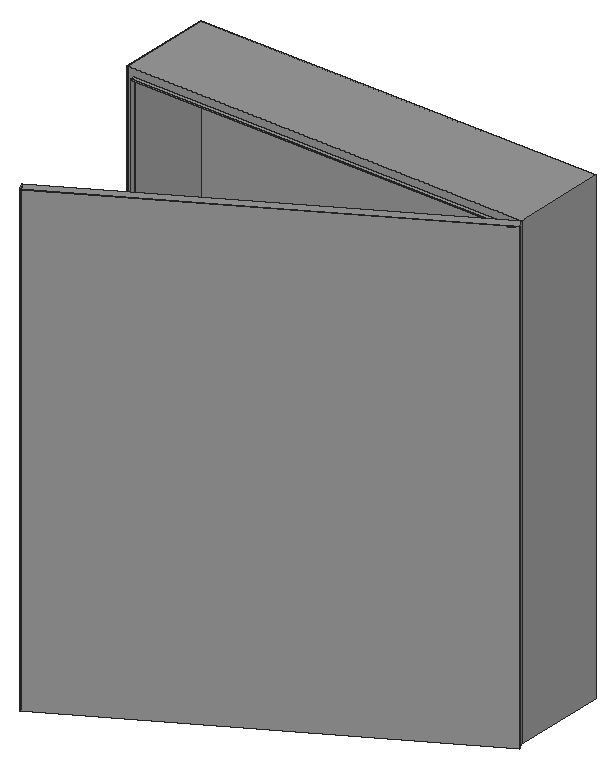
Revit family "Hager-Univers-IP54-D205-H950-Cl.I-encl-NoHosted-DE-de", category Equipement électrique, Revit 2020
Family settings
  Configuration du panneau = Deux colonnes, circuits au sein
  Cote de connecteur circulaire = Utiliser le diamètre
  Type d'élément = Tableau de raccordement
  Basée sur le plan de construction = Oui
  Toujours verticalement = Oui
  Couper avec des vides une fois chargée = Non
  Partagée = Non
  Point de calcul de pièce = Non
Parameters (values of type "Aufputz IP54 B800 H950 T205  - FP63TW2")
  Width Control [instance] = if([EF000008 - Breite] > Min Width, [EF000008 - Breite], Min Width)  # 800 mm
  Commentaires du type = [HG000003 - Bereich]  # "Univers"
  Thickness Door [instance] = if([EF009171 - Materialstärke Tür/Deckel] > 3 mm, 3 mm, [EF009171 - Materialstärke Tür/Deckel])  # 1 mm
  Seal Frame Offset [instance] = 17 mm  # constant formula
  Plinth Visibility [instance] = [HG000027 - Sockelhöhe] > 0 mm  # no
  Min Width [instance] = 100 mm  # constant formula
  Min Depth [instance] = (2 * [EF009170 - Materialstärke Gehäuse]) + 1 mm  # 3 mm
  Min Height [instance] = 100 mm  # constant formula
  Internal Frame Depth [instance] = (Door System Depth * 0.5)  # 9 mm
  Panel Name [instance] = ""  # (empty or 0)
  Model = ""
  HG000027 - Sockelhöhe = 0 mm
  HG000026 - Stehend auf dem Boden = no
  HG000024 - Höhe des unteren Teils = 600 mm
  HG000023 - Gehäuse mit doppeltem Querschnitt = no
  HG000016 - 3D-Türsichtbarkeit [instance] = yes
  HG000015 - Sichtbarkeit der Türöffnung [instance] = no
  HG000014 - Tür rechts [instance] = yes
  HG000013 - Tür links [instance] = not([HG000014 - Tür rechts])  # no
  HG000012 - Türschwenkwinkel [instance] = 30.00°
  HG000010 - Asymmetrische Türen = no
  HG000009 - Doppelflügeligen Tür = no
  HG000006 - Unterputz = no
  HG000004 - Herstellerreferenz = "FP63TW2"
  HG000003 - Bereich = "Univers"
  HG000002 - Mit tür = yes
  Frame Offset Bottom [instance] = 10 mm  # constant formula
  Frame Offset [instance] = 15 mm  # constant formula
  EF015940 - Deckel mit Überdruckentlastung = no
  EF011959 - Schutzart (NEMA) = ""
  EF009554 - Anzahl der Öffnungen für Flanschplatten = 6
  EF009212 - Ausführung Deckel = "EV000116 - geschlossen"
  EF009171 - Materialstärke Tür/Deckel = 1 mm
  EF009170 - Materialstärke Gehäuse = 1 mm
  EF008873 - Nennstrom (In) = 250 A
  EF007800 - Geeignet für Blitzschutz = no
  EF006306 - Mit Schloss = no
  EF006244 - Transparenter Deckel/Tür = no
  EF005474 - Schutzart (IP) = "EV006419 - IP54"
  EF004464 - Art der Tür = "EV002646 - Einzel"
  EF004427 - Anzahl der Module = 216
  EF004293 - Schlagfestigkeit = "EV006815 - IK09"
  EF003532 - Geeignet für Außengebrauch = no
  EF002950 - Breite in Teilungseinheiten = 36
  EF001613 - Funktionserhalt = "EV000494 - ohne"
  EF001596 - Werkstoff des Gehäuses = "EV000179 - Stahl"
  EF001131 - Innentiefe = 130 mm
  EF001088 - Anbaumöglichkeit = yes
  EF000437 - Anzahl der Leitungseinführungen = 6
  EF000339 - Art der Abdeckung = "EV001012 - Deckel"
  EF000266 - Anzahl der Reihen = 6
  EF000218 - Einbautiefe = 205 mm
  EF000118 - Mit Montageplatte = no
  EF000116 - RAL-Nummer = "9010"
  EF000049 - Tiefe = 205 mm
  EF000040 - Höhe = 950 mm
  EF000008 - Breite = 800 mm
  EF000007 - Farbe = "EV000202 - weiß"
  EF000003 - Montageart = "EV000384 - Aufputz"
  Door System Leaf Tolerance [instance] = 1.5 mm  # constant formula
  Door System Depth [instance] = 18 mm  # constant formula
  Door Height [instance] = Height Control - [HG000027 - Sockelhöhe]  # 950 mm
  Description = ""
  Default Elevation = 1219.2 mm
  Connector Offset [instance] = Height Control / 2  # 475 mm
  Fabricant = "Hager"  # constant formula
  Height Control [instance] = if([EF000040 - Höhe] > Min Height, [EF000040 - Höhe], Min Height)  # 950 mm
  Depth Control [instance] = if([EF000049 - Tiefe] > Min Depth, [EF000049 - Tiefe], Min Depth)  # 205 mm
  Bottom Top Plate Trim [instance] = 1.5 mm  # constant formula
  Plinth height Ctrl [instance] = if([HG000027 - Sockelhöhe] > 0 mm, [HG000027 - Sockelhöhe], 12 mm)  # 12 mm
Types (9, lengths in mm): name | Width Control | HG000009 - Doppelflügeligen Tür | HG000004 - Herstellerreferenz | EF009554 - Anzahl der Öffnungen für Flanschplatten | EF004464 - Art der Tür | EF004427 - Anzahl der Module | EF002950 - Breite in Teilungseinheiten | EF000437 - Anzahl der Leitungseinführungen | EF000008 - Breite
  Aufputz IP54 B1050 H950 T205  - FP64TW2 | 1050 | no | "FP64TW2" | 8 | "EV003602 - Doppel" | 288 | 48 | 8 | 1050
  Aufputz IP54 B1300 H950 T205  - FP65TW | 1300 | yes | "FP65TW" | 10 | "EV003602 - Doppel" | 360 | 60 | 10 | 1300
  Aufputz IP54 B1300 H950 T205  - FP65TW2 | 1300 | no | "FP65TW2" | 10 | "EV003602 - Doppel" | 360 | 60 | 10 | 1300
  Aufputz IP54 B300 H950 T205  - FP61TW | 300 | no | "FP61TW" | 2 | "EV002646 - Einzel" | 72 | 12 | 2 | 300
  Aufputz IP54 B300 H950 T205  - FP61TW2 | 300 | no | "FP61TW2" | 2 | "EV002646 - Einzel" | 72 | 12 | 2 | 300
  Aufputz IP54 B550 H950 T205  - FP62TW | 550 | no | "FP62TW" | 4 | "EV002646 - Einzel" | 144 | 24 | 4 | 550
  Aufputz IP54 B550 H950 T205  - FP62TW2 | 550 | no | "FP62TW2" | 4 | "EV002646 - Einzel" | 144 | 24 | 4 | 550
  Aufputz IP54 B800 H950 T205  - FP63TW | 800 | no | "FP63TW" | 6 | "EV002646 - Einzel" | 216 | 36 | 6 | 800
  Aufputz IP54 B800 H950 T205  - FP63TW2 | 800 | no | "FP63TW2" | 6 | "EV002646 - Einzel" | 216 | 36 | 6 | 800
Reference planes
  plane 1 "Center (Front/Back)": y = 0
  plane 2: z = 0
  plane 3 "Center (Left/Right)": x = 0
  plane 4: y = 0
  plane 5: y = 0
  plane 6: z = 0
  plane 7: x = -400
  plane 8: x = 400
  plane 9: x = 399
  plane 10: x = -399
  plane 11: z = 0
  plane 12: z = 1
  plane 13: y = -205
  plane 14: y = -1
  plane 15: x = 0
  plane 16: y = -187
  plane 17: y = -204
  plane 18: y = -186
  plane 19: x = -384
  plane 20: x = 384
  plane 21: z = 11
  plane 22: x = -383
  plane 23: x = 383
  plane 24: z = 0
  plane 25: z = 950
  plane 26: z = 950
  plane 27: z = 934
  plane 28: z = 949
Forms (mm)
  Extrusion 1, solid, material "Hager_Steel_RAL7035_Light_Grey", detail levels medium+fine
    sketch origin (-208.679, -4572, 0) x (-1, 0, 0) y (0, -1, 0)
      loop
        line (191.321, -4385) -> (-608.679, -4385) -> (-608.679, -4572) -> (191.321, -4572) -> (191.321, -4385)
    from 0 to 950
  Extrusion 2, void
    sketch origin (-350.771, -205, 1219.2) x (1, 0, 0) y (0, 0, 1)
      loop
        line (-48.229, -270.2) -> (-48.229, -1218.2) -> (749.771, -1218.2) -> (749.771, -270.2) -> (-48.229, -270.2)
    from -19 to -204
  Extrusion 3, void
    sketch origin (-290.084, -187, 1219.2) x (1, 0, 0) y (0, 0, 1)
      loop
        line (-93.916, -1208.2) -> (674.084, -1208.2) -> (674.084, -285.2) -> (-93.916, -285.2) -> (-93.916, -1208.2)
    from 0 to -1
  Extrusion 4, solid, material "Hager_Steel_RAL7035_Light_Grey", visible <- "Plinth Visibility", detail levels medium+fine
    sketch origin (0, 0, 0) x (1, 0, 0) y (0, 1, 0)
      loop
        line (-400, 0) -> (-400, -187) -> (400, -187) -> (400, 0) -> (-400, 0)
    from 0 to 12 <- "Plinth height Ctrl"
  Extrusion 5, solid, material "Hager_Steel_RAL7035_Light_Grey", detail levels coarse
    sketch origin (0, 0, 0) x (1, 0, 0) y (0, 1, 0)
      loop
        line (-400, 0) -> (-400, -205) -> (400, -205) -> (400, 0) -> (-400, 0)
    from 0 to 950 <- "Height Control"
  Sweep 6, void
    path in 3D
      loop
        line (-400, -187, 12) -> (400, -187, 12) -> (400, 0, 12) -> (-400, 0, 12) -> (-400, -187, 12)
    profile origin (-400, -93.5, 12) x (1, 0, 0) y (0, 0, 1)
      loop
        line (0, 0) -> (0, -1.5) -> (1.5, -1.5)
        arc (1.5, -1.5) -> (1.061, -0.439) -> (0, 0) r 1.5
  Extrusion 7, solid, material "Hager_Steel_RAL7035_Light_Grey", detail levels fine
    sketch origin (-400, -187, 0) x (1, 0, 0) y (0, 0, 1)
      loop
        line (16, 11) -> (784, 11) -> (784, 934) -> (16, 934) -> (16, 11)
      loop
        line (15, 10) -> (785, 10) -> (785, 935) -> (15, 935) -> (15, 10)
    from 0 to 9 <- "Internal Frame Depth"
Cuts and joins
  Extrusion 2, Extrusion 3 cuts Extrusion 1
  Sweep 6 cuts Extrusion 4
Lines and regions (mm)
  Masking region 1
    outline origin (0, 0, 0) x (1, 0, 0) y (0, 1, 0)
      loop
        line (-400, 0) -> (-400, -205) -> (400, -205) -> (400, 0) -> (-400, 0)
  Masking region 2, detail levels coarse
    outline origin (-290.084, -187, 1219.2) x (-1, 0, 0) y (0, 0, 1)
      loop
        line (-690.084, -1219.2) -> (109.916, -1219.2) -> (109.916, -269.2) -> (-690.084, -269.2) -> (-690.084, -1219.2)
  Masking region 3, detail levels coarse
    outline origin (0, 0, 0) x (0, 1, 0) y (0, 0, 1)
      loop
        line (0, 0) -> (0, 950) -> (-205, 950) -> (-205, 0) -> (0, 0)
  Masking region 4, visible <- "Plinth Visibility", detail levels medium+fine
    outline origin (0, 0, 0) x (0, 1, 0) y (0, 0, 1)
      loop
        line (-1.5, 12) -> (-185.5, 12)
        arc (-185.5, 12) -> (-185.939, 10.939) -> (-187, 10.5) r 1.5
        line (-187, 10.5) -> (-187, 0) -> (0, 0) -> (0, 10.5)
        arc (0, 10.5) -> (-1.061, 10.939) -> (-1.5, 12) r 1.5
  Masking region 5, detail levels medium+fine
    outline origin (0, 0, 594.038) x (0, 1, 0) y (0, 0, 1)
      loop
        line (0, -594.038) -> (0, 355.962) -> (-187, 355.962) -> (-187, -594.038) -> (0, -594.038)
  Masking region 6, detail levels medium+fine
    outline origin (-359.7, -187, 1211.883) x (-1, 0, 0) y (0, 0, 1)
      loop
        line (-759.7, -1211.883) -> (40.3, -1211.883) -> (40.3, -261.883) -> (-759.7, -261.883) -> (-759.7, -1211.883)
  Masking region 7, visible <- "Plinth Visibility", detail levels medium+fine
    outline origin (-320.334, -187, 1041.368) x (-1, 0, 0) y (0, 0, 1)
      loop
        line (-720.334, -1041.368) -> (79.666, -1041.368) -> (79.666, -1030.868)
        arc (79.666, -1030.868) -> (78.606, -1030.429) -> (78.166, -1029.368) r 1.5
        line (78.166, -1029.368) -> (-718.834, -1029.368)
        arc (-718.834, -1029.368) -> (-719.273, -1030.429) -> (-720.334, -1030.868) r 1.5
        line (-720.334, -1030.868) -> (-720.334, -1041.368)
  sketch lines
    curve 1: line (-400, 0, 12) -> (-400, -187, 12)
    curve 2: line (-400, -187, 12) -> (400, -187, 12)
    curve 3: line (400, 0, 12) -> (-400, 0, 12)
    curve 4: line (400, -187, 12) -> (400, 0, 12)
Dimensions and locks
  locked: plane 1 "Center (Front/Back)" to plane 5
  "EF009170 - Materialstärke Gehäuse": plane 7 to plane 10
  "EF009170 - Materialstärke Gehäuse": plane 8 to plane 9
  equal spacing: plane 7, plane 3 "Center (Left/Right)", plane 8
  "Width Control": plane 7 to plane 8
  "Depth Control": plane 4 to plane 13
  "EF009170 - Materialstärke Gehäuse": plane 4 to plane 14
  "Height Control": plane 25 to level
  "HG000027 - Sockelhöhe": plane 11 to level
  "EF009170 - Materialstärke Gehäuse": plane 12 to plane 11
  "EF009170 - Materialstärke Gehäuse": plane 17 to plane 13
  "EF009170 - Materialstärke Gehäuse": plane 18 to plane 16
  "Frame Offset Bottom": plane 21 to plane 12
  "Frame Offset": plane 10 to plane 19
  "Frame Offset": plane 9 to plane 20
  "Door System Depth": plane 16 to plane 13
  "Seal Frame Offset": plane 7 to plane 22
  "Seal Frame Offset": plane 8 to plane 23
  "EF009170 - Materialstärke Gehäuse": plane 26 to plane 28
  "Frame Offset": plane 28 to plane 27
  "Connector Offset": plane 2 to connector elem
  "Bottom Top Plate Trim": profile plane to Sweep 6 sketch curve
  "Bottom Top Plate Trim": Sweep 6 sketch curve to Sweep 6 sketch curve
  "Plinth height Ctrl": Masking region 4 sketch curve to level
  "Plinth height Ctrl": Masking region 7 sketch curve to level
  "Thickness Door": Extrusion 7 sketch curve to Extrusion 7 sketch curve  (x4)
  "Bottom Top Plate Trim": radius of Sweep 6 sketch curve
  "Bottom Top Plate Trim": radius of Masking region 4 sketch curve  (x2)
  "Bottom Top Plate Trim": radius of Masking region 7 sketch curve  (x2)
  aligned and locked: Extrusion 2 sketch curve to plane 12
  aligned and locked: Extrusion 2 sketch curve to plane 9
  aligned and locked: Extrusion 2 sketch curve to plane 10
  aligned and locked: Extrusion 2 to plane 14
  aligned and locked: Extrusion 1 sketch curve to plane 4
  aligned and locked: plane 8 to Extrusion 1 sketch curve
  aligned and locked: plane 7 to Extrusion 1 sketch curve
  aligned and locked: Extrusion 2 to plane 18
  aligned and locked: Extrusion 3 sketch curve to plane 19
  aligned and locked: plane 20 to Extrusion 3 sketch curve
  aligned and locked: Extrusion 3 to Extrusion 2
  aligned and locked: Extrusion 3 sketch curve to plane 21
  aligned and locked: plane 3 "Center (Left/Right)" to nested 1
  aligned and locked: Extrusion 1 sketch curve to plane 16
  aligned and locked: Extrusion 4 sketch curve to cut or joined group of Extrusion 1, Extrusion 2, Extrusion 3
  aligned and locked: Masking region 1 sketch curve to plane 7
  aligned and locked: Masking region 1 sketch curve to plane 5
  aligned and locked: Masking region 1 sketch curve to plane 8
  aligned and locked: Masking region 2 sketch curve to level
  aligned and locked: level to Masking region 3 sketch curve
  aligned and locked: plane 1 "Center (Front/Back)" to Masking region 3 sketch curve
  aligned and locked: plane 13 to Masking region 3 sketch curve
  aligned and locked: plane 5 to Masking region 4 sketch curve
  aligned and locked: Masking region 2 sketch curve to plane 8
  aligned and locked: Masking region 2 sketch curve to plane 7
  aligned and locked: plane 7 to nested 2
  aligned and locked: nested 2 to plane 5
  aligned and locked: plane 5 to Masking region 5 sketch curve
  aligned and locked: plane 26 to Masking region 5 sketch curve
  aligned and locked: Extrusion 5 sketch curve to plane 8
  aligned and locked: Extrusion 5 sketch curve to plane 7
  aligned and locked: Extrusion 5 sketch curve to plane 5
  aligned and locked: Extrusion 3 sketch curve to plane 27
  aligned and locked: Extrusion 2 sketch curve to plane 28
  aligned and locked: Masking region 2 to plane 25
  aligned and locked: Extrusion 4 to plane 16
  aligned and locked: profile plane to Sweep 6 sketch curve
  aligned and locked: Masking region 5 sketch curve to plane 24
  aligned and locked: level to Masking region 4 sketch curve
  aligned and locked: Masking region 1 to plane 13
  aligned and locked: nested 1 to plane 16
  aligned and locked: Masking region 3 to plane 25
  aligned and locked: plane 16 to Masking region 4 sketch curve
  aligned and locked: Masking region 5 sketch curve to plane 16
  aligned and locked: plane 24 to plane 11
  aligned and locked: plane 26 to plane 25
  aligned and locked: plane 26 to cut or joined group of Extrusion 1, Extrusion 2, Extrusion 3
  aligned and locked: nested 1 to plane 24
  aligned and locked: Extrusion 1 to Extrusion 3
  aligned and locked: Masking region 6 sketch curve to plane 8
  aligned and locked: Masking region 6 sketch curve to plane 24
  aligned and locked: Masking region 6 sketch curve to plane 7
  aligned and locked: Masking region 6 sketch curve to plane 26
  aligned and locked: Masking region 7 sketch curve to plane 7
  aligned and locked: level to Masking region 7 sketch curve
  aligned and locked: Masking region 7 sketch curve to plane 8
  aligned and locked: Extrusion 7 sketch curve to cut or joined group of Extrusion 1, Extrusion 2, Extrusion 3  (x4)
Automatic sketch dimensions
  plane 19 to Extrusion 3 sketch curve = 0 mm
  Extrusion 3 sketch curve to plane 20 = 0 mm
  Extrusion 3 sketch curve to plane 21 = 0 mm
  Extrusion 4 sketch curve to plane 7 = 0 mm
  Extrusion 4 sketch curve to plane 8 = 0 mm
  Extrusion 4 sketch curve to plane 16 = 0 mm
  Masking region 1 sketch curve to plane 13 = 0 mm
  Masking region 2 sketch curve to plane 25 = 0 mm
  Masking region 3 sketch curve to plane 25 = 0 mm
  Extrusion 5 sketch curve to plane 13 = 0 mm
  profile plane to Sweep 6 sketch curve = 0 mm
Nested families
  nested 1: "EC000058_Univers_Door" at (0, -187, 0), Double <- "HG000009 - Doppelflügeligen Tür", Transparent <- "EF006244 - Transparenter Deckel/Tür", Angle <- "HG000012 - Türschwenkwinkel", Door_Right <- "HG000014 - Tür rechts", Assymetrical <- "HG000010 - Asymmetrische Türen", Door <- "HG000002 - Mit tür", Width_Ctrl <- "Width Control", 3d_Door <- "HG000016 - 3D-Türsichtbarkeit", Clearance <- "HG000015 - Sichtbarkeit der Türöffnung", Door_Left <- "HG000013 - Tür links", Width <- "Width Control", Door_Depth <- "Door System Depth", Leaf_Tolerance <- "Door System Leaf Tolerance", Height <- "Door Height", Lock_Visibility <- "EF006306 - Mit Schloss", Thickness <- "Thickness Door", type "EC000058_Univers_Door", detail levels medium+fine
    with min_wh 3 mm, Width_Ctrl 800 mm, Width 800 mm, Transparent no, Thickness 1 mm, Seal_Material Hager_Rubber, Lock_Visibility no, Lock_Material Hager_Plastic_RAL9005_Jet_Black, Leaf_Width 800 mm, Leaf_Tolerance_External_Sides 0 mm, Leaf_Tolerance 1.5 mm, Leaf_Offset 0 mm, Leaf_Height 947 mm, Leaf_2_Width 800 mm, Leaf_2_Offset 400 mm, Leaf_1_Width 800 mm, Leaf_1_Offset 400 mm, Height_Ctrl 950 mm, Height 950 mm, Glass_Material Hager_Glass, Double_Clearance_Ctrl no, Double no, Door_Right_Ctrl yes, Door_Right yes, Door_Material Hager_Steel_RAL7035_Light_Grey, Door_Left_Ctrl no, Door_Left no, Door_Depth 18 mm, Door yes, Clearance_Material Hager_Clearance, Clearance_Depth 800 mm, Clearance_Ctrl no, Clearance no, Assymetrical no, Angle 30.00°, 3d_Door yes
  nested 2: "Hager_Enclosure_Symbol" at (-400, 0, 0), Height <- "Depth Control", Width <- "Width Control", type "Hager_Enclosure_Symbol"
    with Width_Ctrl 800 mm, Width 800 mm, Height_Ctrl 205 mm, Height 205 mm, A_Width_Int 13.453 mm, A_Width 161.438 mm, A_Height_Ctrl 179.375 mm, A_Height 179.375 mm
Connectors
  electrical at (0, 0, 475)
    settings: on plane 1 "Center (Front/Back)", index 1, voltage 0 V, apparent load 0 VA, apparent load phase1 0 VA, apparent load phase2 0 VA, apparent load phase3 0 VA, power factor 1, load classification "Other", number of poles 1, system type 30, power factor state 1, is connector primary yes, connector utility no, sub classification motor no, connector description ""
Definition of nested family "EC000058_Univers_Door"
  Parameters (values of type "EC000058_Univers_Door")
    min_wh [instance] = (2 * Thickness) + 1 mm  # 11 mm
    Width_Ctrl [instance] = 400 mm
    Width [instance] = 500 mm
    Transparent [instance] = yes
    Thickness [instance] = 5 mm
    Seal_Material [instance] = none
    Lock_Visibility [instance] = yes
    Lock_Material [instance] = none
    Leaf_Width [instance] = if((Width_Ctrl - 2 * Leaf_Tolerance_External_Sides) > 0 mm, (Width_Ctrl - 2 * Leaf_Tolerance_External_Sides), min_wh)  # 400 mm
    Leaf_Tolerance_External_Sides [instance] = 0 mm  # constant formula
    Leaf_Tolerance [instance] = 1.5 mm
    Leaf_Offset [instance] = 0 mm  # constant formula
    Leaf_Height [instance] = if((Height_Ctrl - 2 * Leaf_Tolerance) > 0 mm, (Height_Ctrl - 2 * Leaf_Tolerance), min_wh)  # 497 mm
    Leaf_2_Width [instance] = if(and(and(Double, Assymetrical), Door_Left), (Leaf_Width / 3) - (Leaf_Tolerance / 2), if(and(and(Double, Assymetrical), Door_Right), (Leaf_Width / 3) * 2 - (Leaf_Tolerance / 2), if(and(Double, not(Assymetrical)), (Leaf_Width / 2) - Leaf_Tolerance, Leaf_Width)))  # 400 mm
    Leaf_2_Offset [instance] = if(and(Double, Assymetrical), Leaf_2_Width / 2, if(and(Double, not(Assymetrical)), Leaf_Width / 4, Leaf_Width / 2))  # 200 mm
    Leaf_1_Width [instance] = if(and(and(Double, Assymetrical), Door_Right), (Leaf_Width / 3) - (Leaf_Tolerance / 2), if(and(and(Double, Assymetrical), Door_Left), (Width / 3) * 2 - (Leaf_Tolerance / 2), if(and(Double, not(Assymetrical)), (Leaf_Width / 2) - Leaf_Tolerance, Leaf_Width)))  # 400 mm
    Leaf_1_Offset [instance] = if(and(Double, Assymetrical), Leaf_1_Width / 2, if(and(Double, not(Assymetrical)), Leaf_Width / 4, Leaf_Width / 2))  # 200 mm
    Height_Ctrl [instance] = if(Height > min_wh, Height, min_wh)  # 500 mm
    Height [instance] = 500 mm
    Glass_Material [instance] = none
    Double_Clearance_Ctrl [instance] = and(Double, Clearance)  # no
    Double [instance] = no
    Door_Right_Ctrl [instance] = and(or(Door_Right, Double), Door)  # yes
    Door_Right [instance] = yes
    Door_Material [instance] = none
    Door_Left_Ctrl [instance] = and(or(Door_Left, Double), Door)  # no
    Door_Left [instance] = no
    Door_Depth [instance] = 30 mm
    Door [instance] = yes
    Default Elevation = 1219.2 mm
    Clearance_Material [instance] = none
    Clearance_Depth [instance] = if(Leaf_1_Width > Leaf_2_Width, Leaf_1_Width, Leaf_2_Width)  # 400 mm
    Clearance_Ctrl [instance] = and(not(Double), Clearance)  # yes
    Clearance [instance] = yes
    Assymetrical [instance] = yes
    Angle [instance] = 30.00°
    3d_Door [instance] = yes
  Reference planes
    plane 1 "Center (Front/Back)": y = 0
    plane 2 "Bottom": z = 0
    plane 3 "Center (Left/Right)": x = 0
    plane 4: z = 500
    plane 5: x = -200
    plane 6: x = 200
    plane 7: z = 500
    plane 8: x = -200
    plane 9: z = 0
    plane 10: x = 200
    plane 11: y = 0
    plane 12: z = 1.5
    plane 13: x = -600
    plane 14: y = -400
    plane 15: x = 600
    plane 16: x = 0
    plane 17: x = 0
    plane 18: x = -200
    plane 19: x = 200
    plane 20: z = 498.5
  Forms (mm)
    Extrusion 1, solid, material <- "Clearance_Material", visible <- "Double_Clearance_Ctrl"
      sketch origin (1200, 0, 0) x (1, 0, 0) y (0, 0, -1)
        loop
          line (-1800, -498.5) -> (-600, -498.5) -> (-600, 0) -> (-1800, 0) -> (-1800, -498.5)
      from 0 to -400
  Dimensions and locks
    equal spacing: plane 5, plane 3 "Center (Left/Right)", plane 6
    "Width_Ctrl": plane 5 to plane 6
    "Leaf_Offset": plane 5 to plane 8
    "Leaf_Offset": plane 6 to plane 10
    "Leaf_Offset": plane 9 to level
    "Leaf_Offset": plane 4 to plane 7
    "Height_Ctrl": plane 4 to level
    "Leaf_Tolerance": plane 12 to plane 9
    locked: plane 11 to plane 1 "Center (Front/Back)"
    "Leaf_1_Offset": plane 18 to plane 16
    "Leaf_2_Offset": plane 17 to plane 19
    "Leaf_1_Width": plane 13 to plane 8
    "Leaf_2_Width": plane 10 to plane 15
    "Clearance_Depth": plane 14 to plane 1 "Center (Front/Back)"
    "Leaf_Tolerance_External_Sides": plane 8 to plane 18
    "Leaf_Tolerance_External_Sides": plane 19 to plane 10
    "Leaf_Tolerance": plane 7 to plane 20
    aligned and locked: level to plane 2 "Bottom"
    aligned and locked: nested 1 to plane 16
    aligned and locked: nested 2 to plane 17
    aligned and locked: Extrusion 1 to plane 13
    aligned and locked: plane 15 to Extrusion 1
    aligned and locked: Extrusion 1 to plane 14
    aligned and locked: plane 12 to nested 1
    aligned and locked: nested 2 to plane 12
    aligned and locked: Extrusion 1 to plane 11
    aligned and locked: plane 20 to Extrusion 1
    aligned and locked: nested 2 to plane 11
    aligned and locked: nested 1 to plane 11
  Automatic sketch dimensions
    Extrusion 1 sketch curve to level = 0 mm
    plane 5 to Extrusion 1 sketch curve = 400 mm
    plane 6 to Extrusion 1 sketch curve = 400 mm
    Extrusion 1 sketch curve to plane 4 = 1.5 mm
  Nested families
    nested 1: "EC000058_Univers_Door_Leaf" at (0, 0, 1.5), Width <- "Leaf_1_Width", visible <- "Door_Left_Ctrl", Leaf_Height <- "Leaf_Height", Angle <- "Angle", 3d_Door <- "3d_Door", Transparent <- "Transparent", Clearance Material <- "Clearance_Material", Clearance <- "Clearance_Ctrl", Door_Material <- "Door_Material", Glass_Material <- "Glass_Material", Door_Depth <- "Door_Depth", Lock_Material <- "Lock_Material", Seal_Material <- "Seal_Material", Lock_Visibility <- "Lock_Visibility", Thickness <- "Thickness", type "EC000058_Univers_Door_Leaf"
      with Width 400 mm, Transparent_Glass_Offset 30 mm, Transparent_Ctrl yes, Transparent yes, Thickness 5 mm, Standard no, Seal_Material none, Seal_D2 8 mm, Seal_D1 1 mm, Offset_Internal_Frame 10 mm, Lock_Width 20 mm, Lock_Visibility_3d yes, Lock_Visibility yes, Lock_Thickness_3 3 mm, Lock_Thickness_2 1 mm, Lock_Thickness_1 3 mm, Lock_Radius_Offset_2 16 mm, Lock_Radius_Offset_1 15 mm, Lock_Radius_2 5 mm, Lock_Radius 6 mm, Lock_Offset 5 mm, Lock_Material none, Lock_Height 80 mm, Lock_Cover_Top_Offset_2d 17 mm, Lock_Cover_Height -65 mm, Leaf_Height 497 mm, Internal_Seal_Thickness 8 mm, Internal_Seal_Depth_2 4.5 mm, Internal_Frame_Depth 25 mm, Glass_Thickness -1 mm, Glass_Offset -2 mm, Glass_Material none, Door_Material none, Door_Depth 30 mm, Clearance Material none, Clearance yes, Angle_Ctrl 30.00°, Angle 30.00°, 3d_Door yes
    nested 2: "EC000058_Univers_Door_Leaf" at (0, 0, 1.5) x (-1, 0, 0) z (0, 0, 1), Width <- "Leaf_2_Width", visible <- "Door_Right_Ctrl", Leaf_Height <- "Leaf_Height", Angle <- "Angle", 3d_Door <- "3d_Door", Transparent <- "Transparent", Clearance Material <- "Clearance_Material", Clearance <- "Clearance_Ctrl", Door_Material <- "Door_Material", Glass_Material <- "Glass_Material", Door_Depth <- "Door_Depth", Lock_Material <- "Lock_Material", Seal_Material <- "Seal_Material", Lock_Visibility <- "Lock_Visibility", Thickness <- "Thickness", type "EC000058_Univers_Door_Leaf"
      with Width 400 mm, Transparent_Glass_Offset 30 mm, Transparent_Ctrl yes, Transparent yes, Thickness 5 mm, Standard no, Seal_Material none, Seal_D2 8 mm, Seal_D1 1 mm, Offset_Internal_Frame 10 mm, Lock_Width 20 mm, Lock_Visibility_3d yes, Lock_Visibility yes, Lock_Thickness_3 3 mm, Lock_Thickness_2 1 mm, Lock_Thickness_1 3 mm, Lock_Radius_Offset_2 16 mm, Lock_Radius_Offset_1 15 mm, Lock_Radius_2 5 mm, Lock_Radius 6 mm, Lock_Offset 5 mm, Lock_Material none, Lock_Height 80 mm, Lock_Cover_Top_Offset_2d 17 mm, Lock_Cover_Height -65 mm, Leaf_Height 497 mm, Internal_Seal_Thickness 8 mm, Internal_Seal_Depth_2 4.5 mm, Internal_Frame_Depth 25 mm, Glass_Thickness -1 mm, Glass_Offset -2 mm, Glass_Material none, Door_Material none, Door_Depth 30 mm, Clearance Material none, Clearance yes, Angle_Ctrl 30.00°, Angle 30.00°, 3d_Door yes
  Definition of nested family "EC000058_Univers_Door_Leaf"
    Parameters (values of type "EC000058_Univers_Door_Leaf")
      Width [instance] = 2000 mm
      Transparent_Glass_Offset [instance] = 30 mm
      Transparent_Ctrl [instance] = and(Transparent, [3d_Door])  # yes
      Transparent [instance] = yes
      Thickness [instance] = 5 mm
      Standard [instance] = and(not(Transparent), [3d_Door])  # no
      Seal_Material [instance] = none
      Seal_D2 [instance] = 8 mm  # constant formula
      Seal_D1 [instance] = 1 mm  # constant formula
      Offset_Internal_Frame [instance] = 10 mm  # constant formula
      Lock_Width [instance] = 20 mm  # constant formula
      Lock_Visibility_3d [instance] = and(Lock_Visibility, [3d_Door])  # yes
      Lock_Visibility [instance] = yes
      Lock_Thickness_3 [instance] = 3 mm  # constant formula
      Lock_Thickness_2 [instance] = 1 mm  # constant formula
      Lock_Thickness_1 [instance] = 3 mm  # constant formula
      Lock_Radius_Offset_2 [instance] = Lock_Radius_Offset_1 + 1 mm  # 16 mm
      Lock_Radius_Offset_1 [instance] = 15 mm  # constant formula
      Lock_Radius_2 [instance] = Lock_Radius - 1 mm  # 5 mm
      Lock_Radius [instance] = 6 mm  # constant formula
      Lock_Offset [instance] = 5 mm  # constant formula
      Lock_Material [instance] = none
      Lock_Height [instance] = 80 mm  # constant formula
      Lock_Cover_Top_Offset_2d [instance] = Lock_Radius_Offset_2 + 1 mm  # 17 mm
      Lock_Cover_Height [instance] = -(Lock_Height - Lock_Radius_Offset_1)  # -65 mm
      Leaf_Height [instance] = 2720.336 mm
      Internal_Seal_Thickness [instance] = 8 mm  # constant formula
      Internal_Seal_Depth_2 [instance] = 4.5 mm  # constant formula
      Internal_Frame_Depth [instance] = if(Door_Depth - Thickness > 5 mm, Door_Depth - Thickness, 5 mm)  # 25 mm
      Glass_Thickness [instance] = if(Thickness > 15 mm, Glass_Offset + 10 mm, -1 mm)  # -1 mm
      Glass_Offset [instance] = if(Thickness > 15 mm, -(Thickness + 10 mm) / 2, -2 mm)  # -2 mm
      Glass_Material [instance] = none
      Door_Material [instance] = none
      Door_Depth [instance] = 30 mm
      Default Elevation = 0 mm
      Clearance Material [instance] = none
      Clearance [instance] = yes
      Angle_Ctrl [instance] = if(Angle > 180.00°, 180.00°, Angle)  # 90.00°
      Angle [instance] = 90.00°
      3d_Door [instance] = yes
    Reference planes
      plane 1 "Center (Front/Back)": y = 0
      plane 2: z = 0
      plane 3 "Center (Left/Right)": x = 0
      plane 4: y = 2000
      plane 5: x = -1000
      plane 6: x = 1000
      plane 7: x = -3000
      plane 8: z = 2720.336
      plane 9: z = 30
      plane 10: z = 2690.336
      plane 11: x = 970
      plane 12: x = -970
      plane 13: y = -3
      plane 14: z = 107.833
      plane 15: y = -5
      plane 16: y = -223.314
      plane 17: x = -1000
      plane 18: z = 1360.168
      plane 19: y = 30
    Forms (mm)
      Extrusion 1, solid, material <- "Clearance Material", visible <- "Clearance"
        sketch origin (0, 0, 0) x (1, 0, 0) y (0, 0, 1)
          loop
            line (-3000, 2720.336) -> (-3000, 0) -> (1000, 0) -> (1000, 2720.336) -> (-3000, 2720.336)
        from 0 to -2000
      Extrusion 2, solid, material <- "Door_Material", visible <- "Standard", detail levels medium+fine
        sketch origin (-1000, 0, 0) x (0, 1, 0) y (-1, 0, 0)
          loop
            line (0, 30) -> (0, 25) -> (2000, 25) -> (2000, 30) -> (0, 30)
        from 0 to 2720.336 <- "Leaf_Height"
      Extrusion 3, solid, material <- "Door_Material", visible <- "Transparent_Ctrl", detail levels medium+fine
        sketch origin (-1000, 0, 0) x (0, 1, 0) y (-1, 0, 0)
          loop
            line (0, 25) -> (2000, 25) -> (2000, 30) -> (0, 30) -> (0, 25)
        from 0 to 2720.336 <- "Leaf_Height"
      Extrusion 4, void
        sketch origin (-1025, 2000, 0) x (0, 1, 0) y (0, 0, -1)
          loop
            line (-30, -2690.336) -> (-30, -30) -> (-1970, -30) -> (-1970, -2690.336) -> (-30, -2690.336)
        from 0 to 5 <- "Thickness"
      Sweep 5, solid, material <- "Seal_Material", visible <- "Transparent_Ctrl", detail levels fine
        path in 3D
          loop
            line (-1025, 30, 30) -> (-1025, 30, 2690.336) -> (-1025, 1970, 2690.336) -> (-1025, 1970, 30) -> (-1025, 30, 30)
        profile origin (-1025, 1000, 30) x (1, 0, 0) y (0, 0, 1)
          loop
            line (0, 0) -> (0, -8) -> (1, -8) -> (1, 0) -> (0, 0)
      Extrusion 6, solid, material <- "Glass_Material", visible <- "Transparent_Ctrl", detail levels medium+fine
        sketch origin (-1030, 0, 0) x (0, 1, 0) y (0, 0, -1)
          loop
            line (1970, -2690.336) -> (1970, -30) -> (30, -30) -> (30, -2690.336) -> (1970, -2690.336)
        from -2 <- "Glass_Offset" to -1 <- "Glass_Thickness"
      Extrusion 7, solid, material <- "Door_Material", visible <- "3d_Door", detail levels medium+fine
        sketch origin (-1025, 2000, 0) x (0, -1, 0) y (0, 0, -1)
          loop
            line (0, -2720.336) -> (2000, -2720.336) -> (2000, 0) -> (0, 0) -> (0, -2720.336)
          loop
            line (1995, -5) -> (5, -5) -> (5, -2715.336) -> (1995, -2715.336) -> (1995, -5)
        from 0 to 25 <- "Internal_Frame_Depth"
      Sweep 8, solid, material <- "Seal_Material", visible <- "Transparent_Ctrl", detail levels fine
        path in 3D
          loop
            line (-1025, 0, 0) -> (-1025, 2000, 0) -> (-1025, 2000, 2720.336) -> (-1025, 0, 2720.336) -> (-1025, 0, 0)
        profile origin (-1025, 0, 1360.168) x (1, 0, 0) y (0, 1, 0)
          loop
            line (0, 10) -> (2.975, 10)
            arc (2.975, 10) -> (4.053, 10.447) -> (4.5, 11.525) r 1.525
            line (4.5, 11.525) -> (4.5, 16.527)
            arc (4.5, 16.527) -> (4.069, 17.569) -> (3.027, 18) r 1.473
            line (3.027, 18) -> (0, 18) -> (0, 10)
      Extrusion 9, solid, material <- "Lock_Material", visible <- "Lock_Visibility_3d", detail levels fine
        sketch origin (-1030, 0, 0) x (0, 1, 0) y (0, 0, -1)
          loop
            arc (1993.5, -1400.168) -> (1994.561, -1399.729) -> (1995, -1398.668) r 1.5
            line (1995, -1398.668) -> (1995, -1320.168) -> (1975, -1320.168) -> (1975, -1398.668)
            arc (1975, -1398.668) -> (1975.439, -1399.729) -> (1976.5, -1400.168) r 1.5
            line (1976.5, -1400.168) -> (1993.5, -1400.168)
        from 3 <- "Lock_Thickness_1" to 0
      Blend 10, solid, material <- "Lock_Material", visible <- "Lock_Visibility_3d", detail levels fine
        base sketch origin (-1033, 0, 0) x (0, 1, 0) y (0, 0, -1)
          loop
            line (1975, -1320.168) -> (1975, -1398.668)
            arc (1975, -1398.668) -> (1975.439, -1399.729) -> (1976.5, -1400.168) r 1.5
            line (1976.5, -1400.168) -> (1993.5, -1400.168)
            arc (1993.5, -1400.168) -> (1994.561, -1399.729) -> (1995, -1398.668) r 1.5
            line (1995, -1398.668) -> (1995, -1320.168) -> (1975, -1320.168)
        top sketch origin (-1033, 0, 0) x (0, 1, 0) y (0, 0, -1)
          loop
            line (1976, -1320.168) -> (1976, -1398.668)
            arc (1976, -1398.668) -> (1976.146, -1399.022) -> (1976.5, -1399.168) r 0.5
            line (1976.5, -1399.168) -> (1993.5, -1399.168)
            arc (1993.5, -1399.168) -> (1993.854, -1399.022) -> (1994, -1398.668) r 0.5
            line (1994, -1398.668) -> (1994, -1320.168) -> (1976, -1320.168)
        from 0 to 1 <- "Lock_Thickness_2"
      Blend 11, solid, material <- "Lock_Material", visible <- "Lock_Visibility_3d", detail levels fine
        base sketch origin (-1034, 0, 0) x (0, 1, 0) y (0, 0, -1)
          loop
            line (1978, -1320.168) -> (1978, -1384.168)
            arc (1978, -1384.168) -> (1985, -1391.168) -> (1992, -1384.168) r 7
            line (1992, -1384.168) -> (1992, -1320.168) -> (1978, -1320.168)
        top sketch origin (-1034, 0, 0) x (0, 1, 0) y (0, 0, -1)
          loop
            line (1991, -1320.168) -> (1979, -1320.168) -> (1979, -1383.168)
            arc (1979, -1383.168) -> (1985, -1389.168) -> (1991, -1383.168) r 6
            line (1991, -1383.168) -> (1991, -1320.168)
        from 0 to 3 <- "Lock_Thickness_3"
      Extrusion 12, solid, material <- "Lock_Material", visible <- "Lock_Visibility_3d", detail levels fine
        sketch origin (-1030, 1975, 1320.168) x (1, 0, 0) y (0, -1, 0)
          loop
            line (-7, -19) -> (-7, -1) -> (0, -1) -> (0, 0) -> (-8, 0) -> (-8, -20) -> (0, -20) -> (0, -19) -> (-7, -19)
        from 0 to -65 <- "Lock_Cover_Height"
      Extrusion 13, void
        sketch origin (-1038, 1995, 1320.168) x (-1, 0, 0) y (0, 0, -1)
          loop
            line (-5, -65) -> (0, -65) -> (-5, -60) -> (-5, -65)
        from 0 to 20 <- "Lock_Width"
      Extrusion 14, void
        sketch origin (-1038, 1975, 1320.168) x (0, -1, 0) y (0, 0, -1)
          loop
            circle (-10, -15.995) r 6
          loop
            circle (-10, -15.995) r 5
        from 0 to 2
      Extrusion 15, solid, material <- "Lock_Material", visible <- "Lock_Visibility_3d", detail levels medium
        sketch origin (-1030, 0, 0) x (0, 1, 0) y (0, 0, -1)
          loop
            arc (1993.5, -1400.168) -> (1994.561, -1399.729) -> (1995, -1398.668) r 1.5
            line (1995, -1398.668) -> (1995, -1320.168) -> (1975, -1320.168) -> (1975, -1398.668)
            arc (1975, -1398.668) -> (1975.439, -1399.729) -> (1976.5, -1400.168) r 1.5
            line (1976.5, -1400.168) -> (1993.5, -1400.168)
        from 8 to 0
    Cuts and joins
      Extrusion 4 cuts Extrusion 3
      Extrusion 13, Extrusion 14 cuts Extrusion 9
      Extrusion 14 cuts Blend 11
      Extrusion 13, Extrusion 14 cuts Extrusion 12
      joined: Extrusion 9, Blend 10, Blend 11, Extrusion 12
      Extrusion 14 cuts Extrusion 15
    Lines and regions (mm)
      Masking region 1, visible <- "Lock_Visibility", detail levels fine
        outline origin (0, 0, 0) x (0, 1, 0) y (0, 0, 1)
          loop
            line (30, 1320.168) -> (33, 1320.168) -> (33, 1400.168) -> (30, 1400.168) -> (30, 1320.168)
      Masking region 2, visible <- "Lock_Visibility", detail levels fine
        outline origin (0, 3.143, 0) x (0, 1, 0) y (0, 0, 1)
          loop
            line (29.857, 1354.168) -> (30.857, 1354.168) -> (30.857, 1366.168) -> (29.857, 1366.168) -> (29.857, 1354.168)
      Masking region 3, detail levels medium+fine
        outline origin (0, 0, 0) x (0, 1, 0) y (0, 0, 1)
          loop
            line (0, 0) -> (30, 0) -> (30, 2720.336) -> (0, 2720.336) -> (0, 0)
      Masking region 4, detail levels medium+fine
        outline origin (0, 0, 0) x (1, 0, 0) y (0, 0, 1)
          loop
            line (-1000, 2720.336) -> (-1000, 0) -> (1000, 0) -> (1000, 2720.336) -> (-1000, 2720.336)
      Masking region 5, visible <- "Lock_Visibility", detail levels fine
        outline origin (-47.116, 0, 0) x (1, 0, 0) y (0, 0, 1)
          loop
            arc (1024.616, 1399.168) -> (1023.556, 1398.729) -> (1023.116, 1397.668) r 1.5
            line (1023.116, 1397.668) -> (1023.116, 1320.168) -> (1041.116, 1320.168) -> (1041.116, 1397.668)
            arc (1041.116, 1397.668) -> (1040.677, 1398.729) -> (1039.616, 1399.168) r 1.5
            line (1039.616, 1399.168) -> (1024.616, 1399.168)
      Masking region 6, visible <- "Lock_Visibility", detail levels medium+fine
        outline origin (-25, 0, 0) x (1, 0, 0) y (0, 0, 1)
          loop
            arc (1001.5, 1400.168) -> (1000.439, 1399.729) -> (1000, 1398.668) r 1.5
            line (1000, 1398.668) -> (1000, 1320.168) -> (1020, 1320.168) -> (1020, 1398.668)
            arc (1020, 1398.668) -> (1019.561, 1399.729) -> (1018.5, 1400.168) r 1.5
            line (1018.5, 1400.168) -> (1001.5, 1400.168)
      Masking region 7, visible <- "Lock_Visibility", detail levels fine
        outline origin (-73.735, 0, 0) x (1, 0, 0) y (0, 0, 1)
          loop
            line (1051.735, 1382.168) -> (1065.735, 1382.168) -> (1065.735, 1384.168)
            arc (1065.735, 1384.168) -> (1058.735, 1391.168) -> (1051.735, 1384.168) r 7
            line (1051.735, 1384.168) -> (1051.735, 1382.168)
      Masking region 8, visible <- "Lock_Visibility", detail levels fine
        outline origin (-73.735, 0, 0) x (1, 0, 0) y (0, 0, 1)
          loop
            line (1052.735, 1382.168) -> (1064.735, 1382.168) -> (1064.735, 1383.168)
            arc (1064.735, 1383.168) -> (1058.735, 1389.168) -> (1052.735, 1383.168) r 6
            line (1052.735, 1383.168) -> (1052.735, 1382.168)
      Masking region 9, visible <- "Lock_Visibility", detail levels fine
        outline origin (-25, 0, 0) x (1, 0, 0) y (0, 0, 1)
          loop
            line (1020, 1320.168) -> (1020, 1382.168) -> (1000, 1382.168) -> (1000, 1320.168) -> (1020, 1320.168)
      Masking region 10, detail levels medium+fine
        outline origin (0, 0, 0) x (1, 0, 0) y (0, 0, 1)
          loop
            circle (985, 1335.144) r 6
      Masking region 11, detail levels fine
        outline origin (0, 0, 0) x (1, 0, 0) y (0, 0, 1)
          loop
            circle (985, 1335.144) r 5
      Masking region 12, visible <- "Lock_Visibility", detail levels fine
        outline origin (0, 12.767, 0) x (0, 1, 0) y (0, 0, 1)
          loop
            line (20.233, 1320.168) -> (21.233, 1320.168) -> (21.233, 1399.168) -> (20.233, 1400.168) -> (20.233, 1320.168)
      Masking region 13, visible <- "Lock_Visibility", detail levels fine
        outline origin (0, 13.767, -10) x (0, 1, 0) y (0, 0, 1)
          loop
            line (20.233, 1330.168) -> (23.233, 1330.168) -> (23.233, 1399.168) -> (20.233, 1402.168) -> (20.233, 1330.168)
      Masking region 14, visible <- "Lock_Visibility", detail levels fine
        outline origin (0, 12.767, -10) x (0, 1, 0) y (0, 0, 1)
          loop
            line (20.233, 1330.168) -> (25.233, 1330.168) -> (25.233, 1399.305) -> (20.233, 1394.305) -> (20.233, 1330.168)
      Masking region 15, visible <- "Lock_Visibility", detail levels medium
        outline origin (0, 0, 0) x (0, 1, 0) y (0, 0, 1)
          loop
            line (30, 1320.168) -> (38, 1320.168) -> (38, 1400.168) -> (30, 1400.168) -> (30, 1320.168)
      Masking region 16, visible <- "Lock_Visibility", detail levels fine
        outline origin (-1000, 0, 0) x (0, 1, 0) y (-1, 0, 0)
          loop
            line (1975, 30) -> (1995, 30) -> (1995, 38) -> (1975, 38) -> (1975, 30)
          loop
            line (1979, 37) -> (1976, 37) -> (1976, 34) -> (1978, 34) -> (1979, 37)
          loop
            line (1994, 37) -> (1991, 37) -> (1992, 34) -> (1994, 34) -> (1994, 37)
      Masking region 17, visible <- "Lock_Visibility", detail levels medium
        outline origin (-1000, 0, 0) x (0, 1, 0) y (-1, 0, 0)
          loop
            line (1975, 30) -> (1995, 30) -> (1995, 38) -> (1975, 38) -> (1975, 30)
      symbolic lines
        curve 1: line (1000, 0, 0) -> (-3000, 0, 0)
        curve 2: arc (1000, 0, 0) -> (-1000, 2000, 0) -> (-3000, 0, 0) r 2000
        curve 4: line (-1030, 0, 0) -> (-1030, 2000, 0)
      reference lines
        curve 3: line (-1000, 0, 0) -> (-1000, 2000, 0)
      symbolic lines, detail levels medium+fine
        curve 5: line (-1030, 2000, 0) -> (-1025, 2000, 0)
        curve 7: line (-1025, 0, 0) -> (-1030, 0, 0)
        curve 8: line (-1025, 0, 0) -> (-1000, 0, 0)
        curve 9: line (-1000, 0, 0) -> (-1000, 2000, 0)
        curve 10: line (-1000, 2000, 0) -> (-1025, 2000, 0)
      symbolic lines, detail levels fine
        curve 6: line (-1025, 2000, 0) -> (-1025, 0, 0)
      sketch lines
        curve 11: line (-1025, 0, 2720.336) -> (-1025, 0, 0)
        curve 12: line (-1025, 2000, 0) -> (-1025, 0, 0)
        curve 13: line (-1025, 2000, 2720.336) -> (-1025, 2000, 0)
        curve 14: line (-1025, 0, 2720.336) -> (-1025, 2000, 2720.336)
        curve 15: line (-1025, 1970, 30) -> (-1025, 30, 30)
        curve 16: line (-1025, 30, 30) -> (-1025, 30, 2690.336)
        curve 17: line (-1025, 1970, 2690.336) -> (-1025, 1970, 30)
        curve 18: line (-1025, 30, 2690.336) -> (-1025, 1970, 2690.336)
      symbolic lines, visible <- "Transparent", detail levels medium+fine
        curve 19: line (-970, 0, 2690.336) -> (970, 0, 2690.336)
        curve 20: line (-970, 0, 30) -> (-970, 0, 2690.336)
        curve 21: line (970, 0, 30) -> (-970, 0, 30)
        curve 22: line (970, 0, 2690.336) -> (970, 0, 30)
    Dimensions and locks
      "Width": plane 1 "Center (Front/Back)" to plane 4
      equal spacing: plane 5, plane 3 "Center (Left/Right)", plane 6
      "Width": plane 5 to plane 6
      "Width": plane 7 to plane 5
      "Leaf_Height": plane 8 to level
      "Width": curve 5 to curve 3
      "Width": curve 3 to curve 3
      plane 8 to plane 10 = 30 mm
      plane 9 to level = 30 mm
      plane 12 to plane 5 = 30 mm
      plane 6 to plane 11 = 30 mm
      Extrusion 1 to Extrusion 4 sketch curve = 30 mm
      "Transparent_Glass_Offset": curve 3 to Extrusion 4 sketch curve
      "Transparent_Glass_Offset": Extrusion 4 sketch curve to cut or joined group of Extrusion 3, Extrusion 4  (x2)
      cut or joined group of Extrusion 3, Extrusion 4 to Extrusion 6 sketch curve = 30 mm
      "Transparent_Glass_Offset": cut or joined group of Extrusion 3, Extrusion 4 to Extrusion 4 sketch curve
      "Thickness": curve 6 to curve 4
      "Thickness": Extrusion 7 sketch curve to Extrusion 7 sketch curve  (x4)
      "Door_Depth": curve 4 to curve 3
      "Offset_Internal_Frame": profile plane to Sweep 8 sketch curve
      "Internal_Seal_Thickness": Sweep 8 sketch curve to Sweep 8 sketch curve
      "Internal_Seal_Depth_2": profile plane to Sweep 8 sketch curve
      "Seal_D1": profile plane to Sweep 5 sketch curve
      "Seal_D2": profile plane to Sweep 5 sketch curve
      "Thickness": Extrusion 2 sketch curve to Extrusion 2 sketch curve
      equal spacing: Extrusion 9 sketch curve, plane 18, Extrusion 9 sketch curve  (x2)
      equal spacing: Masking region 1 sketch curve, plane 18, Masking region 1 sketch curve
      "Lock_Height": Masking region 1 sketch curve to Masking region 1 sketch curve
      "Lock_Radius": Masking region 2 sketch curve to plane 18 to Masking region 2 sketch curve
      Masking region 2 sketch curve to Masking region 1 = 1 mm
      "Door_Depth": plane 19 to plane 1 "Center (Front/Back)"
      "Lock_Thickness_1": Masking region 1 sketch curve to plane 19
      "Lock_Width": Extrusion 9 sketch curve to Extrusion 9 sketch curve
      "Lock_Height": Extrusion 9 sketch curve to Extrusion 9 sketch curve
      "Lock_Offset": cut or joined group of Extrusion 3, Extrusion 4 to Extrusion 9 sketch curve
      equal spacing: plane 8, plane 18, level
      "Lock_Radius_Offset_1": Blend 11 sketch curve to Blend 10
      locked: Blend 10 to Blend 11 sketch curve at 2  (x2)
      locked: var sketch to Blend 11 sketch curve at 1  (x2)
      "Lock_Radius_Offset_2": Blend 11 sketch curve to Blend 10
      locked: Extrusion 12 sketch curve to Extrusion 12 sketch curve at 1  (x3)
      Masking region 6 sketch curve to Masking region 6 sketch curve = 80 mm
      "Lock_Height": Masking region 6 sketch curve to Masking region 6 sketch curve
      "Lock_Width": Masking region 6 sketch curve to Masking region 6 sketch curve
      locked: Masking region 6 to Masking region 5 sketch curve at 1  (x3)
      locked: Masking region 5 to Masking region 7 sketch curve at 2  (x2)
      "Lock_Radius_Offset_1": Masking region 5 to Masking region 7 sketch curve
      "Lock_Radius_Offset_2": Masking region 5 to Masking region 8 sketch curve
      locked: Masking region 7 to Masking region 8 sketch curve at 1  (x2)
      "Lock_Cover_Top_Offset_2d": Masking region 5 to Masking region 9 sketch curve
      equal spacing: Masking region 9, Masking region 10 sketch curve, Masking region 9
      equal spacing: Masking region 9, Masking region 11 sketch curve, Masking region 9
      Extrusion 15 sketch curve to Extrusion 15 sketch curve = 80 mm
      "Lock_Width": Extrusion 15 sketch curve to Extrusion 15 sketch curve
      "Lock_Height": Extrusion 15 sketch curve to Extrusion 15 sketch curve
      equal spacing: Extrusion 15 sketch curve, plane 18, Extrusion 15 sketch curve
      "Lock_Thickness_3": Masking region 13 sketch curve to Masking region 13 sketch curve
      "Lock_Height": Masking region 12 sketch curve to Masking region 12 sketch curve
      locked: Masking region 13 sketch curve to Masking region 1 at 8
      locked: Masking region 14 sketch curve to Masking region 13 at 1
      locked: Masking region 14 sketch curve to Masking region 1 at 10.863
      "Lock_Height": Masking region 15 sketch curve to Masking region 15 sketch curve
      "Lock_Offset": Extrusion 15 sketch curve to cut or joined group of Extrusion 3, Extrusion 4
      "Lock_Offset": plane 6 to Masking region 6 sketch curve
      radius of Sweep 8 sketch curve = 1.525 mm
      radius of Sweep 8 sketch curve = 1.473 mm
      radius of Extrusion 9 sketch curve = 1.5 mm  (x2)
      "Lock_Radius": radius of Extrusion 14 sketch curve
      "Lock_Radius_2": radius of Extrusion 14 sketch curve
      "Lock_Radius": radius of Masking region 10 sketch curve
      "Lock_Radius_2": radius of Masking region 11 sketch curve
      radius of Extrusion 15 sketch curve = 1.5 mm  (x2)
      "Angle_Ctrl": angle plane 1 "Center (Front/Back)" to curve 3
      locked: Masking region 12 sketch curve to Masking region 12 sketch curve (angle 45.00°)
      locked: Masking region 13 sketch curve to Masking region 13 sketch curve (angle 45.00°)
      locked: Masking region 14 sketch curve to Masking region 14 sketch curve (angle 45.00°)
      aligned and locked: level to plane 2
      aligned and locked: Extrusion 1 to curve 1
      aligned and locked: plane 6 to Extrusion 1
      aligned and locked: Extrusion 1 to plane 1 "Center (Front/Back)"
      aligned and locked: plane 4 to Extrusion 1
      aligned and locked: plane 8 to Extrusion 1
      aligned and locked: curve 7 to Extrusion 2 sketch curve
      aligned and locked: curve 5 to Extrusion 2 sketch curve
      aligned and locked: curve 7 to Extrusion 3 sketch curve
      aligned and locked: Extrusion 3 sketch curve to curve 4
      aligned and locked: Extrusion 3 sketch curve to curve 6
      aligned and locked: Extrusion 3 sketch curve to curve 5
      aligned and locked: curve 9 to curve 3
      aligned and locked: Extrusion 7 sketch curve to cut or joined group of Extrusion 3, Extrusion 4  (x4)
      aligned and locked: plane 17 to curve 3
      aligned and locked: plane 1 "Center (Front/Back)" to curve 3
      aligned and locked: plane 17 to plane 5
      aligned and locked: Sweep 8 sketch curve to profile plane
      aligned and locked: Sweep 5 sketch curve to profile plane  (x2)
      aligned and locked: Masking region 1 to Masking region 2 sketch curve
      aligned and locked: plane 19 to Masking region 1 sketch curve
      aligned and locked: plane 1 "Center (Front/Back)" to Masking region 3 sketch curve
      aligned and locked: plane 19 to Masking region 3 sketch curve
      aligned and locked: level to Masking region 3 sketch curve
      aligned and locked: Masking region 3 sketch curve to plane 8
      aligned and locked: plane 17 to Masking region 4 sketch curve
      aligned and locked: level to Masking region 4 sketch curve
      aligned and locked: Masking region 4 sketch curve to plane 8
      aligned and locked: plane 12 to curve 20
      aligned and locked: plane 10 to curve 19
      aligned and locked: plane 11 to curve 22
      aligned and locked: curve 21 to plane 9
      aligned and locked: Extrusion 2 sketch curve to cut or joined group of Extrusion 3, Extrusion 4
      aligned and locked: Blend 10 sketch curve to Extrusion 9  (x4)
      aligned and locked: Extrusion 9 to Blend 10 sketch curve
      aligned and locked: Blend 10 to Blend 11 sketch curve
      aligned and locked: Extrusion 12 sketch curve to Blend 11
      aligned and locked: Extrusion 12 sketch curve to Extrusion 9  (x4)
      aligned and locked: Masking region 5 sketch curve to Masking region 6
      aligned and locked: Masking region 9 sketch curve to Masking region 6  (x3)
      aligned and locked: Masking region 12 sketch curve to Masking region 1
      aligned and locked: Masking region 13 sketch curve to Masking region 1
      aligned and locked: Masking region 12 to Masking region 14
      aligned and locked: Masking region 14 sketch curve to Masking region 1
      aligned and locked: Masking region 15 sketch curve to Masking region 14
      aligned and locked: Masking region 13 sketch curve to Masking region 12
      aligned and locked: Masking region 16 sketch curve to cut or joined group of Extrusion 14, Extrusion 15  (x4)
      aligned and locked: Masking region 16 sketch curve to cut or joined group of Extrusion 9, Blend 10, Blend 11, Extrusion 12, Extrusion 13, Extrusion 14  (x6)
      aligned and locked: cut or joined group of Extrusion 9, Blend 10, Blend 11, Extrusion 12, Extrusion 13, Extrusion 14 to Masking region 16 sketch curve
      aligned and locked: Masking region 17 sketch curve to cut or joined group of Extrusion 14, Extrusion 15  (x3)
      aligned and locked: Masking region 17 sketch curve to cut or joined group of Extrusion 9, Blend 10, Blend 11, Extrusion 12, Extrusion 13, Extrusion 14
      aligned and locked: Masking region 9 to Masking region 8 sketch curve
      aligned and locked: Masking region 9 to Masking region 7 sketch curve
    Automatic sketch dimensions
      plane 1 "Center (Front/Back)" to curve 2 = 0 mm
      curve 2 to plane 5 = 0 mm
      Extrusion 1 sketch curve to level = 0 mm
      Extrusion 1 sketch curve to plane 7 = 0 mm
      Extrusion 1 sketch curve to plane 6 = 0 mm
      Extrusion 1 sketch curve to plane 8 = 0 mm
      Extrusion 3 to Extrusion 6 sketch curve = 30 mm  (x4)
      Masking region 4 sketch curve to plane 6 = 0 mm
      Blend 10 sketch curve to Extrusion 9 = 1.5 mm
      Blend 10 sketch curve to Extrusion 9 = 1 mm
      Extrusion 13 sketch curve to Extrusion 12 = 0 mm  (x2)
      Extrusion 12 to Extrusion 13 sketch curve = 3 mm
      Extrusion 13 sketch curve to Extrusion 12 = 5 mm
      Extrusion 14 sketch curve to Extrusion 14 sketch curve = 0 mm  (x2)
      Extrusion 14 sketch curve to Extrusion 12 = 10 mm
      Extrusion 14 sketch curve to Extrusion 12 = 15.995 mm
      Masking region 5 sketch curve to Masking region 5 sketch curve = 1.5 mm  (x2)
      Masking region 10 sketch curve to plane 18 = 25.024 mm
      Masking region 11 sketch curve to plane 18 = 25.024 mm
      plane 19 to Masking region 14 sketch curve = 3 mm
      Masking region 16 sketch curve to Masking region 16 sketch curve = 3 mm
      curve 4 to curve 3 = 0 mm
      Blend 10 to Blend 11 sketch curve = 0 mm
      Masking region 6 sketch curve to Masking region 6 sketch curve = 1.5 mm  (x2)
      Masking region 6 sketch curve to plane 18 = 40 mm
      plane 19 to Masking region 12 sketch curve = 3 mm
      Masking region 12 sketch curve to Masking region 12 sketch curve = 1 mm
      Masking region 15 sketch curve to plane 19 = 0 mm
      Masking region 15 sketch curve to plane 18 = 40 mm
      radius of Blend 10 sketch curve to Extrusion 9 = 1 mm
Definition of nested family "Hager_Enclosure_Symbol"
  Parameters (values of type "Hager_Enclosure_Symbol")
    Width_Ctrl [instance] = if(Width > 1 mm, Width, 1 mm)  # 102.27 mm
    Width [instance] = 102.27 mm
    Height_Ctrl [instance] = if(Height > 1 mm, Height, 1 mm)  # 66.5 mm
    A_Width_Int [instance] = if(A_Width / 12 > 2 mm, A_Width / 12, 2 mm)  # 4.364 mm
    A_Width [instance] = if(A_Height_Ctrl * 0.9 > 2 mm, A_Height_Ctrl * 0.9, 2 mm)  # 52.369 mm
    A_Height_Ctrl [instance] = if(A_Height > 2 mm, A_Height, 2 mm)  # 58.188 mm
    Height [instance] = 66.5 mm
    A_Height [instance] = Height - (Height / 8)  # 58.188 mm
  Reference planes
    plane 1 "Centre (avant/arrière)": y = 0
    plane 2: z = 0
    plane 3 "Centre (gauche/droite)": x = 0
    plane 4: x = 52.369
    plane 5: y = 33.042
    plane 6: y = 41.77
    plane 7: y = 66.5
    plane 8: x = 26.184
    plane 9: y = 37.406
    plane 10: x = 102.27
    plane 11: y = 66.5
    plane 12: y = 8.313
  Lines and regions (mm)
    Filled region 1, type "Solid_Black", in view "Niveau de réf."
      outline origin (0, 0, 0) x (1, 0, 0) y (0, 1, 0)
        loop
          line (52.369, 66.5) -> (33.188, 54.536) -> (45.365, 45.006) -> (52.369, 66.5)
    Filled region 2, type "Solid_Black", in view "Niveau de réf."
      outline origin (0, 0, 0) x (1, 0, 0) y (0, 1, 0)
        loop
          line (0, 0) -> (102.27, 0) -> (102.27, 66.5) -> (0, 0)
    detail lines, in view "Niveau de réf."
      curve 1: line (0, 8.313, 0) -> (26.184, 41.77, 0)
      curve 2: line (26.184, 41.77, 0) -> (26.184, 33.042, 0)
      curve 3: line (26.184, 33.042, 0) -> (52.369, 66.5, 0)
  Dimensions and locks
    "A_Width": plane 3 "Centre (gauche/droite)" to plane 4
    equal spacing: plane 3 "Centre (gauche/droite)", plane 8, plane 4
    equal spacing: plane 6, plane 9, plane 5
    equal spacing: curve 3, Filled region 1 sketch curve, Filled region 1 sketch curve
    "Height_Ctrl": plane 1 "Centre (avant/arrière)" to plane 11
    "A_Height_Ctrl": plane 11 to plane 12
    equal spacing: plane 11, plane 9, plane 12
    "A_Width_Int": plane 6 to plane 9
    "Width_Ctrl": plane 3 "Centre (gauche/droite)" to plane 10
    angle Filled region 1 sketch curve to curve 3 = 20.00°
    angle curve 3 to Filled region 1 sketch curve = 20.00°
    locked: curve 3 to Filled region 1 sketch curve (angle 90.00°)
    aligned and locked: plane 10 to Filled region 2
    aligned and locked: plane 11 to Filled region 2 sketch curve
    aligned and locked: plane 10 to Filled region 2 sketch curve
    aligned and locked: plane 3 "Centre (gauche/droite)" to curve 1
    aligned and locked: plane 12 to curve 1
    aligned and locked: plane 7 to plane 11
  Automatic sketch dimensions
    Filled region 1 sketch curve to plane 4 = 0 mm
    Filled region 1 sketch curve to plane 7 = 0 mm
    plane 1 "Centre (avant/arrière)" to Filled region 2 sketch curve = 0 mm
    Filled region 2 sketch curve to plane 3 "Centre (gauche/droite)" = 0 mm
    curve 2 to plane 6 = 0 mm
    curve 2 to plane 8 = 0 mm
    curve 3 to plane 4 = 0 mm
    curve 2 to plane 5 = 0 mm
    curve 3 to plane 7 = 0 mm
